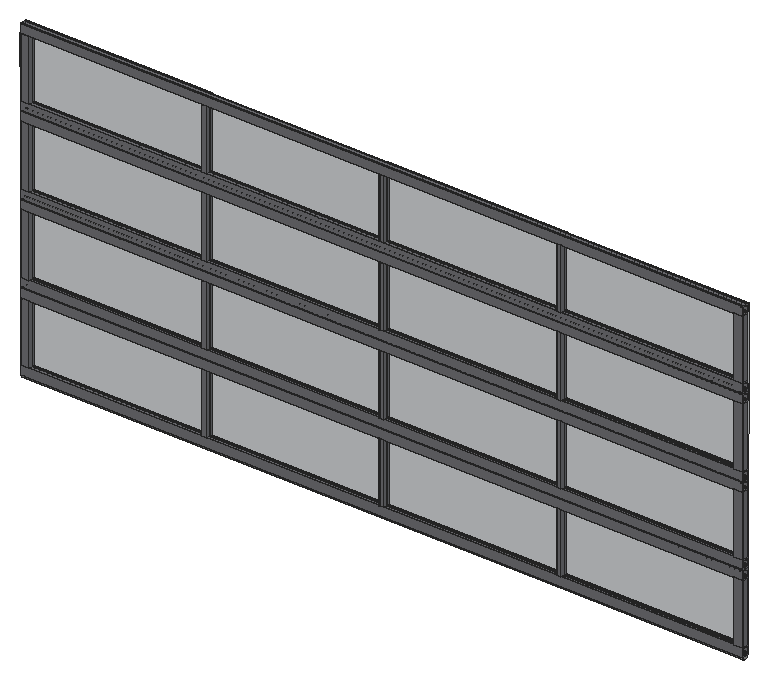
Revit family "GACD 16P GG", category Doors, host Wall, Revit 2024
Family settings
  Host = Wall
  OmniClass Number = 23.30.10.00
  OmniClass Title = Doors
  Always vertical = Yes
  Cut with Voids When Loaded = No
  Shared = No
  Room Calculation Point = No
Parameters
  Wall Opening [instance] = 4880 mm
  Function = Interior
  Frame Projection Ext. = 25 mm
  Frame Projection Int. = 25 mm
  Frame Width = 75 mm
  Height = 2135 mm
  Wall Closure = By host
  Width = 4880 mm
Reference planes
  plane 1: y = 0
  plane 2 "Center (Left/Right)": x = 0
  plane 3: z = 2135
  plane 4 "Exterior": y = 75
  plane 5 "Interior": y = -75
  plane 6 "Garage Bottom": y = 75
  plane 7 "Garage Left": x = 2470
  plane 8 "Garage Right": x = -2470
  plane 9 "Garage Top": z = 2170
  plane 10: z = 19.954
Forms (mm)
  Extrusion 1, solid, material "ALUMINIUM CHAR (TEST)"
    sketch origin (0, -4, 0) x (0, -1, 0) y (0, 0, -1)
      loop
        line (75, -2170) -> (78.9, -2170) -> (78.9, -2168.2) -> (76.8, -2168.2) -> (76.8, -2166.2) -> (84.9, -2166.2) -> (84.9, -2168.2) -> (82.9, -2168.2) -> (82.9, -2170) -> (111.1, -2170) -> (111.1, -2168.2) -> (109.1, -2168.2) -> (109.1, -2166.2) -> (117.2, -2166.2) -> (117.2, -2168.2) -> (115.1, -2168.2) -> (115.1, -2170) -> (119, -2170) -> (119, -2110) -> (99, -2110) -> (99, -2111.066) -> (101.75, -2111.307) -> (101.75, -2112.6) -> (83.5, -2112.6) -> (83.5, -2111.395) -> (85, -2110.993) -> (85, -2110) -> (75, -2110) -> (75, -2170)
      loop
        line (117.25, -2157.453) -> (116.7, -2156.5) -> (116.7, -2153.5) -> (117.25, -2152.547) -> (117.25, -2127.253) -> (116.7, -2126.3) -> (116.7, -2123.3) -> (117.25, -2122.347) -> (117.25, -2111.8) -> (103.55, -2111.8) -> (103.55, -2114.4) -> (81.7, -2114.4) -> (81.7, -2111.8) -> (76.75, -2111.8) -> (76.75, -2122.347) -> (77.3, -2123.3) -> (77.3, -2126.3) -> (76.75, -2127.253) -> (76.75, -2152.547) -> (77.3, -2153.5) -> (77.3, -2156.5) -> (76.75, -2157.453) -> (76.75, -2164.6) -> (86.7, -2164.6) -> (86.7, -2168.2) -> (107.3, -2168.2) -> (107.3, -2164.6) -> (117.25, -2164.6) -> (117.25, -2157.453)
    from -2470 to 2470
  Extrusion 2, solid, material "ALUMINIUM CHAR (TEST)"
    sketch origin (2744.172, 296, 1693.954) x (1, 0, 0) y (0, 1, 0)
      loop
        line (-5154.172, -375) -> (-5214.172, -375) -> (-5214.172, -378.9) -> (-5212.372, -378.9) -> (-5212.372, -376.8) -> (-5210.372, -376.8) -> (-5210.372, -384.9) -> (-5212.372, -384.9) -> (-5212.372, -382.9) -> (-5214.172, -382.9) -> (-5214.172, -411.1) -> (-5212.372, -411.1) -> (-5212.372, -409.1) -> (-5210.372, -409.1) -> (-5210.372, -417.2) -> (-5212.372, -417.2) -> (-5212.372, -415.1) -> (-5214.172, -415.1) -> (-5214.172, -419) -> (-5154.172, -419) -> (-5154.172, -399) -> (-5155.238, -399) -> (-5155.479, -401.75) -> (-5156.772, -401.75) -> (-5156.772, -383.5) -> (-5155.567, -383.5) -> (-5155.165, -385) -> (-5154.172, -385) -> (-5154.172, -375)
      loop
        line (-5208.772, -376.75) -> (-5208.772, -386.7) -> (-5212.372, -386.7) -> (-5212.372, -407.3) -> (-5208.772, -407.3) -> (-5208.772, -417.25) -> (-5201.625, -417.25) -> (-5200.672, -416.7) -> (-5197.672, -416.7) -> (-5196.72, -417.25) -> (-5171.425, -417.25) -> (-5170.472, -416.7) -> (-5167.472, -416.7) -> (-5166.52, -417.25) -> (-5155.972, -417.25) -> (-5155.972, -403.55) -> (-5158.572, -403.55) -> (-5158.572, -381.7) -> (-5155.972, -381.7) -> (-5155.972, -376.75) -> (-5166.52, -376.75) -> (-5167.472, -377.3) -> (-5170.472, -377.3) -> (-5171.425, -376.75) -> (-5196.72, -376.75) -> (-5197.672, -377.3) -> (-5200.672, -377.3) -> (-5201.625, -376.75) -> (-5208.772, -376.75)
      loop
        line (-334.172, -375) -> (-334.172, -385) -> (-333.179, -385) -> (-332.777, -383.5) -> (-331.572, -383.5) -> (-331.572, -401.75) -> (-332.866, -401.75) -> (-333.106, -399) -> (-334.172, -399) -> (-334.172, -419) -> (-274.172, -419) -> (-274.172, -415.1) -> (-275.972, -415.1) -> (-275.972, -417.2) -> (-277.972, -417.2) -> (-277.972, -409.1) -> (-275.972, -409.1) -> (-275.972, -411.1) -> (-274.172, -411.1) -> (-274.172, -382.9) -> (-275.972, -382.9) -> (-275.972, -384.9) -> (-277.972, -384.9) -> (-277.972, -376.8) -> (-275.972, -376.8) -> (-275.972, -378.9) -> (-274.172, -378.9) -> (-274.172, -375) -> (-334.172, -375)
      loop
        line (-287.672, -377.3) -> (-290.672, -377.3) -> (-291.625, -376.75) -> (-316.92, -376.75) -> (-317.872, -377.3) -> (-320.872, -377.3) -> (-321.825, -376.75) -> (-332.372, -376.75) -> (-332.372, -381.7) -> (-329.772, -381.7) -> (-329.772, -403.55) -> (-332.372, -403.55) -> (-332.372, -417.25) -> (-321.825, -417.25) -> (-320.872, -416.7) -> (-317.872, -416.7) -> (-316.92, -417.25) -> (-291.625, -417.25) -> (-290.672, -416.7) -> (-287.672, -416.7) -> (-286.72, -417.25) -> (-279.572, -417.25) -> (-279.572, -407.3) -> (-275.972, -407.3) -> (-275.972, -386.7) -> (-279.572, -386.7) -> (-279.572, -376.75) -> (-286.72, -376.75) -> (-287.672, -377.3)
      loop
        line (-1516.672, -375) -> (-1546.672, -375) -> (-1546.672, -385) -> (-1545.679, -385) -> (-1545.277, -383.5) -> (-1544.072, -383.5) -> (-1544.072, -401.75) -> (-1545.366, -401.75) -> (-1545.606, -399) -> (-1546.672, -399) -> (-1546.672, -419) -> (-1516.672, -419) -> (-1516.672, -399) -> (-1517.738, -399) -> (-1517.979, -401.75) -> (-1519.272, -401.75) -> (-1519.272, -383.5) -> (-1518.067, -383.5) -> (-1517.665, -385) -> (-1516.672, -385) -> (-1516.672, -375)
      loop
        line (-1544.872, -376.75) -> (-1544.872, -381.7) -> (-1542.272, -381.7) -> (-1542.272, -403.55) -> (-1544.872, -403.55) -> (-1544.872, -417.25) -> (-1518.472, -417.25) -> (-1518.472, -403.55) -> (-1521.072, -403.55) -> (-1521.072, -381.7) -> (-1518.472, -381.7) -> (-1518.472, -376.75) -> (-1544.872, -376.75)
      loop
        line (-2729.172, -375) -> (-2759.172, -375) -> (-2759.172, -385) -> (-2758.179, -385) -> (-2757.777, -383.5) -> (-2756.572, -383.5) -> (-2756.572, -401.75) -> (-2757.866, -401.75) -> (-2758.106, -399) -> (-2759.172, -399) -> (-2759.172, -419) -> (-2729.172, -419) -> (-2729.172, -399) -> (-2730.238, -399) -> (-2730.479, -401.75) -> (-2731.772, -401.75) -> (-2731.772, -383.5) -> (-2730.567, -383.5) -> (-2730.165, -385) -> (-2729.172, -385) -> (-2729.172, -375)
      loop
        line (-2757.372, -376.75) -> (-2757.372, -381.7) -> (-2754.772, -381.7) -> (-2754.772, -403.55) -> (-2757.372, -403.55) -> (-2757.372, -417.25) -> (-2730.972, -417.25) -> (-2730.972, -403.55) -> (-2733.572, -403.55) -> (-2733.572, -381.7) -> (-2730.972, -381.7) -> (-2730.972, -376.75) -> (-2757.372, -376.75)
      loop
        line (-3941.672, -375) -> (-3971.672, -375) -> (-3971.672, -385) -> (-3970.679, -385) -> (-3970.277, -383.5) -> (-3969.072, -383.5) -> (-3969.072, -401.75) -> (-3970.366, -401.75) -> (-3970.606, -399) -> (-3971.672, -399) -> (-3971.672, -419) -> (-3941.672, -419) -> (-3941.672, -399) -> (-3942.738, -399) -> (-3942.979, -401.75) -> (-3944.272, -401.75) -> (-3944.272, -383.5) -> (-3943.067, -383.5) -> (-3942.665, -385) -> (-3941.672, -385) -> (-3941.672, -375)
      loop
        line (-3969.872, -376.75) -> (-3969.872, -381.7) -> (-3967.272, -381.7) -> (-3967.272, -403.55) -> (-3969.872, -403.55) -> (-3969.872, -417.25) -> (-3943.472, -417.25) -> (-3943.472, -403.55) -> (-3946.072, -403.55) -> (-3946.072, -381.7) -> (-3943.472, -381.7) -> (-3943.472, -376.75) -> (-3969.872, -376.75)
    from 4.5 to 416.046
  Extrusion 3, solid, material "ALUMINIUM CHAR (TEST)"
    sketch origin (0, -4, 2189.909) x (0, -1, 0) y (0, 0, -1)
      loop
        line (75, 2170) -> (75, 2110) -> (85, 2110) -> (85, 2110.993) -> (83.5, 2111.395) -> (83.5, 2112.6) -> (101.75, 2112.6) -> (101.75, 2111.307) -> (99, 2111.066) -> (99, 2110) -> (119, 2110) -> (119, 2170) -> (115.1, 2170) -> (115.1, 2168.2) -> (117.2, 2168.2) -> (117.2, 2166.2) -> (109.1, 2166.2) -> (109.1, 2168.2) -> (111.1, 2168.2) -> (111.1, 2170) -> (82.9, 2170) -> (82.9, 2168.2) -> (84.9, 2168.2) -> (84.9, 2166.2) -> (76.8, 2166.2) -> (76.8, 2168.2) -> (78.9, 2168.2) -> (78.9, 2170) -> (75, 2170)
      loop
        line (117.25, 2157.453) -> (117.25, 2164.6) -> (107.3, 2164.6) -> (107.3, 2168.2) -> (86.7, 2168.2) -> (86.7, 2164.6) -> (76.75, 2164.6) -> (76.75, 2157.453) -> (77.3, 2156.5) -> (77.3, 2153.5) -> (76.75, 2152.547) -> (76.75, 2127.253) -> (77.3, 2126.3) -> (77.3, 2123.3) -> (76.75, 2122.347) -> (76.75, 2111.8) -> (81.7, 2111.8) -> (81.7, 2114.4) -> (103.55, 2114.4) -> (103.55, 2111.8) -> (117.25, 2111.8) -> (117.25, 2122.347) -> (116.7, 2123.3) -> (116.7, 2126.3) -> (117.25, 2127.253) -> (117.25, 2152.547) -> (116.7, 2153.5) -> (116.7, 2156.5) -> (117.25, 2157.453)
    from -2470 to 2470
  Extrusion 4, solid, material "ALUMINIUM CHAR (TEST)"
    sketch origin (0, -4, 3811.454) x (0, -1, 0) y (0, 0, -1)
      loop
        line (75, 3260) -> (78.9, 3260) -> (78.9, 3261.8) -> (76.8, 3261.8) -> (76.8, 3263.8) -> (84.9, 3263.8) -> (84.9, 3261.8) -> (82.9, 3261.8) -> (82.9, 3260) -> (111.1, 3260) -> (111.1, 3261.8) -> (109.1, 3261.8) -> (109.1, 3263.8) -> (117.2, 3263.8) -> (117.2, 3261.8) -> (115.1, 3261.8) -> (115.1, 3260) -> (119, 3260) -> (119, 3320) -> (99, 3320) -> (99, 3318.934) -> (101.75, 3318.693) -> (101.75, 3317.4) -> (83.5, 3317.4) -> (83.5, 3318.605) -> (85, 3319.007) -> (85, 3320) -> (75, 3320) -> (75, 3260)
      loop
        line (117.25, 3272.547) -> (116.7, 3273.5) -> (116.7, 3276.5) -> (117.25, 3277.453) -> (117.25, 3302.747) -> (116.7, 3303.7) -> (116.7, 3306.7) -> (117.25, 3307.653) -> (117.25, 3318.2) -> (103.55, 3318.2) -> (103.55, 3315.6) -> (81.7, 3315.6) -> (81.7, 3318.2) -> (76.75, 3318.2) -> (76.75, 3307.653) -> (77.3, 3306.7) -> (77.3, 3303.7) -> (76.75, 3302.747) -> (76.75, 3277.453) -> (77.3, 3276.5) -> (77.3, 3273.5) -> (76.75, 3272.547) -> (76.75, 3265.4) -> (86.7, 3265.4) -> (86.7, 3261.8) -> (107.3, 3261.8) -> (107.3, 3265.4) -> (117.25, 3265.4) -> (117.25, 3272.547)
      loop
        line (75, 3254) -> (75, 3194) -> (85, 3194) -> (85, 3194.993) -> (83.5, 3195.395) -> (83.5, 3196.6) -> (101.75, 3196.6) -> (101.75, 3195.307) -> (99, 3195.066) -> (99, 3194) -> (119, 3194) -> (119, 3254) -> (115.1, 3254) -> (115.1, 3252.2) -> (117.2, 3252.2) -> (117.2, 3250.2) -> (109.1, 3250.2) -> (109.1, 3252.2) -> (111.1, 3252.2) -> (111.1, 3254) -> (82.9, 3254) -> (82.9, 3252.2) -> (84.9, 3252.2) -> (84.9, 3250.2) -> (76.8, 3250.2) -> (76.8, 3252.2) -> (78.9, 3252.2) -> (78.9, 3254) -> (75, 3254)
      loop
        line (117.25, 3241.453) -> (117.25, 3248.6) -> (107.3, 3248.6) -> (107.3, 3252.2) -> (86.7, 3252.2) -> (86.7, 3248.6) -> (76.75, 3248.6) -> (76.75, 3241.453) -> (77.3, 3240.5) -> (77.3, 3237.5) -> (76.75, 3236.547) -> (76.75, 3211.253) -> (77.3, 3210.3) -> (77.3, 3207.3) -> (76.75, 3206.347) -> (76.75, 3195.8) -> (81.7, 3195.8) -> (81.7, 3198.4) -> (103.55, 3198.4) -> (103.55, 3195.8) -> (117.25, 3195.8) -> (117.25, 3206.347) -> (116.7, 3207.3) -> (116.7, 3210.3) -> (117.25, 3211.253) -> (117.25, 3236.547) -> (116.7, 3237.5) -> (116.7, 3240.5) -> (117.25, 3241.453)
      loop
        line (75, 2719.546) -> (78.9, 2719.546) -> (78.9, 2721.346) -> (76.8, 2721.346) -> (76.8, 2723.346) -> (84.9, 2723.346) -> (84.9, 2721.346) -> (82.9, 2721.346) -> (82.9, 2719.546) -> (111.1, 2719.546) -> (111.1, 2721.346) -> (109.1, 2721.346) -> (109.1, 2723.346) -> (117.2, 2723.346) -> (117.2, 2721.346) -> (115.1, 2721.346) -> (115.1, 2719.546) -> (119, 2719.546) -> (119, 2779.546) -> (99, 2779.546) -> (99, 2778.48) -> (101.75, 2778.239) -> (101.75, 2776.946) -> (83.5, 2776.946) -> (83.5, 2778.151) -> (85, 2778.553) -> (85, 2779.546) -> (75, 2779.546) -> (75, 2719.546)
      loop
        line (117.25, 2732.093) -> (116.7, 2733.046) -> (116.7, 2736.046) -> (117.25, 2736.998) -> (117.25, 2762.293) -> (116.7, 2763.246) -> (116.7, 2766.246) -> (117.25, 2767.198) -> (117.25, 2777.746) -> (103.55, 2777.746) -> (103.55, 2775.146) -> (81.7, 2775.146) -> (81.7, 2777.746) -> (76.75, 2777.746) -> (76.75, 2767.198) -> (77.3, 2766.246) -> (77.3, 2763.246) -> (76.75, 2762.293) -> (76.75, 2736.998) -> (77.3, 2736.046) -> (77.3, 2733.046) -> (76.75, 2732.093) -> (76.75, 2724.946) -> (86.7, 2724.946) -> (86.7, 2721.346) -> (107.3, 2721.346) -> (107.3, 2724.946) -> (117.25, 2724.946) -> (117.25, 2732.093)
      loop
        line (75, 2713.546) -> (75, 2653.546) -> (85, 2653.546) -> (85, 2654.539) -> (83.5, 2654.94) -> (83.5, 2656.146) -> (101.75, 2656.146) -> (101.75, 2654.852) -> (99, 2654.612) -> (99, 2653.546) -> (119, 2653.546) -> (119, 2713.546) -> (115.1, 2713.546) -> (115.1, 2711.746) -> (117.2, 2711.746) -> (117.2, 2709.746) -> (109.1, 2709.746) -> (109.1, 2711.746) -> (111.1, 2711.746) -> (111.1, 2713.546) -> (82.9, 2713.546) -> (82.9, 2711.746) -> (84.9, 2711.746) -> (84.9, 2709.746) -> (76.8, 2709.746) -> (76.8, 2711.746) -> (78.9, 2711.746) -> (78.9, 2713.546) -> (75, 2713.546)
      loop
        line (117.25, 2700.998) -> (117.25, 2708.146) -> (107.3, 2708.146) -> (107.3, 2711.746) -> (86.7, 2711.746) -> (86.7, 2708.146) -> (76.75, 2708.146) -> (76.75, 2700.998) -> (77.3, 2700.046) -> (77.3, 2697.046) -> (76.75, 2696.093) -> (76.75, 2670.798) -> (77.3, 2669.846) -> (77.3, 2666.846) -> (76.75, 2665.893) -> (76.75, 2655.346) -> (81.7, 2655.346) -> (81.7, 2657.946) -> (103.55, 2657.946) -> (103.55, 2655.346) -> (117.25, 2655.346) -> (117.25, 2665.893) -> (116.7, 2666.846) -> (116.7, 2669.846) -> (117.25, 2670.798) -> (117.25, 2696.093) -> (116.7, 2697.046) -> (116.7, 2700.046) -> (117.25, 2700.998)
      loop
        line (75, 2179) -> (78.9, 2179) -> (78.9, 2180.8) -> (76.8, 2180.8) -> (76.8, 2182.8) -> (84.9, 2182.8) -> (84.9, 2180.8) -> (82.9, 2180.8) -> (82.9, 2179) -> (111.1, 2179) -> (111.1, 2180.8) -> (109.1, 2180.8) -> (109.1, 2182.8) -> (117.2, 2182.8) -> (117.2, 2180.8) -> (115.1, 2180.8) -> (115.1, 2179) -> (119, 2179) -> (119, 2239) -> (99, 2239) -> (99, 2237.934) -> (101.75, 2237.693) -> (101.75, 2236.4) -> (83.5, 2236.4) -> (83.5, 2237.605) -> (85, 2238.007) -> (85, 2239) -> (75, 2239) -> (75, 2179)
      loop
        line (117.25, 2191.547) -> (116.7, 2192.5) -> (116.7, 2195.5) -> (117.25, 2196.453) -> (117.25, 2221.747) -> (116.7, 2222.7) -> (116.7, 2225.7) -> (117.25, 2226.653) -> (117.25, 2237.2) -> (103.55, 2237.2) -> (103.55, 2234.6) -> (81.7, 2234.6) -> (81.7, 2237.2) -> (76.75, 2237.2) -> (76.75, 2226.653) -> (77.3, 2225.7) -> (77.3, 2222.7) -> (76.75, 2221.747) -> (76.75, 2196.453) -> (77.3, 2195.5) -> (77.3, 2192.5) -> (76.75, 2191.547) -> (76.75, 2184.4) -> (86.7, 2184.4) -> (86.7, 2180.8) -> (107.3, 2180.8) -> (107.3, 2184.4) -> (117.25, 2184.4) -> (117.25, 2191.547)
      loop
        line (75, 2173) -> (75, 2113) -> (85, 2113) -> (85, 2113.993) -> (83.5, 2114.395) -> (83.5, 2115.6) -> (101.75, 2115.6) -> (101.75, 2114.307) -> (99, 2114.066) -> (99, 2113) -> (119, 2113) -> (119, 2173) -> (115.1, 2173) -> (115.1, 2171.2) -> (117.2, 2171.2) -> (117.2, 2169.2) -> (109.1, 2169.2) -> (109.1, 2171.2) -> (111.1, 2171.2) -> (111.1, 2173) -> (82.9, 2173) -> (82.9, 2171.2) -> (84.9, 2171.2) -> (84.9, 2169.2) -> (76.8, 2169.2) -> (76.8, 2171.2) -> (78.9, 2171.2) -> (78.9, 2173) -> (75, 2173)
      loop
        line (117.25, 2160.453) -> (117.25, 2167.6) -> (107.3, 2167.6) -> (107.3, 2171.2) -> (86.7, 2171.2) -> (86.7, 2167.6) -> (76.75, 2167.6) -> (76.75, 2160.453) -> (77.3, 2159.5) -> (77.3, 2156.5) -> (76.75, 2155.547) -> (76.75, 2130.253) -> (77.3, 2129.3) -> (77.3, 2126.3) -> (76.75, 2125.347) -> (76.75, 2114.8) -> (81.7, 2114.8) -> (81.7, 2117.4) -> (103.55, 2117.4) -> (103.55, 2114.8) -> (117.25, 2114.8) -> (117.25, 2125.347) -> (116.7, 2126.3) -> (116.7, 2129.3) -> (117.25, 2130.253) -> (117.25, 2155.547) -> (116.7, 2156.5) -> (116.7, 2159.5) -> (117.25, 2160.453)
    from -2470 to 2470
  Extrusion 5, solid, material "Rubber, Natural"
    sketch origin (0, 0, 0) x (0, 1, 0) y (0, 0, 1)
      loop
        line (-111, 19.909) -> (-111, 16.909) -> (-106, 16.909) -> (-106, 14.004)
        spline (-106, 14.004) -> (-109.192, 11.809) -> (-110.848, 8.808) -> (-110.659, 5.562) -> (-108.66, 2.681) -> (-105.226, 0.703) -> (-101, 0) -> (-96.774, 0.703) -> (-93.34, 2.681) -> (-91.341, 5.562) -> (-91.152, 8.808) -> (-92.808, 11.809) -> (-96, 14.004)
        line (-96, 14.004) -> (-96, 16.909) -> (-91, 16.909) -> (-91, 19.909) -> (-111, 19.909)
      loop
        line (-98, 16.909) -> (-104, 16.909) -> (-104, 14.633)
        arc (-104, 14.633) -> (-101, 15.009) -> (-98, 14.633) r 12.129
        line (-98, 14.633) -> (-98, 16.909)
      loop
        spline (-101, 1.513) -> (-98.929, 1.717) -> (-97, 2.316) -> (-95.343, 3.268) -> (-94.072, 4.509) -> (-93.273, 5.954) -> (-93, 7.505) -> (-93.273, 9.055) -> (-94.072, 10.501) -> (-95.343, 11.742) -> (-97, 12.694) -> (-98.929, 13.292) -> (-101, 13.496)
        spline (-101, 13.496) -> (-103.071, 13.292) -> (-105, 12.694) -> (-106.657, 11.742) -> (-107.928, 10.501) -> (-108.727, 9.055) -> (-109, 7.505) -> (-108.727, 5.954) -> (-107.928, 4.509) -> (-106.657, 3.268) -> (-105, 2.316) -> (-103.071, 1.717) -> (-101, 1.513)
    from -2470 to 2470
  Extrusion 6, solid, material "Rubber, Natural"
    sketch origin (0, 16.15, 1625.346) x (0, 1, 0) y (0, 0, 1)
      loop
        line (-104, -524.284) -> (-104, -525.284) -> (-101.5, -525.284) -> (-101.5, -527.31)
        spline (-101.5, -527.31) -> (-102.841, -527.612) -> (-103.739, -528.203) -> (-103.978, -528.941) -> (-103.501, -529.648) -> (-102.421, -530.154) -> (-101, -530.337) -> (-99.579, -530.154) -> (-98.499, -529.648) -> (-98.022, -528.941) -> (-98.261, -528.203) -> (-99.159, -527.612) -> (-100.5, -527.31)
        line (-100.5, -527.31) -> (-100.5, -525.284) -> (-98, -525.284) -> (-98, -524.284) -> (-104, -524.284)
      loop
        line (-136.3, -524.284) -> (-136.3, -525.284) -> (-133.8, -525.284) -> (-133.8, -527.31)
        spline (-133.8, -527.31) -> (-135.141, -527.612) -> (-136.039, -528.203) -> (-136.278, -528.941) -> (-135.801, -529.648) -> (-134.721, -530.154) -> (-133.3, -530.337) -> (-131.879, -530.154) -> (-130.799, -529.648) -> (-130.322, -528.941) -> (-130.561, -528.203) -> (-131.459, -527.612) -> (-132.8, -527.31)
        line (-132.8, -527.31) -> (-132.8, -525.284) -> (-130.3, -525.284) -> (-130.3, -524.284) -> (-136.3, -524.284)
      loop
        line (-104, -536.591) -> (-98, -536.591) -> (-98, -535.591) -> (-100.5, -535.591) -> (-100.5, -533.564)
        spline (-100.5, -533.564) -> (-99.159, -533.262) -> (-98.261, -532.671) -> (-98.022, -531.933) -> (-98.499, -531.226) -> (-99.579, -530.72) -> (-101, -530.537) -> (-102.421, -530.72) -> (-103.501, -531.226) -> (-103.978, -531.933) -> (-103.739, -532.671) -> (-102.841, -533.262) -> (-101.5, -533.564)
        line (-101.5, -533.564) -> (-101.5, -535.591) -> (-104, -535.591) -> (-104, -536.591)
      loop
        line (-136.3, -536.591) -> (-130.3, -536.591) -> (-130.3, -535.591) -> (-132.8, -535.591) -> (-132.8, -533.564)
        spline (-132.8, -533.564) -> (-131.459, -533.262) -> (-130.561, -532.671) -> (-130.322, -531.933) -> (-130.799, -531.226) -> (-131.879, -530.72) -> (-133.3, -530.537) -> (-134.721, -530.72) -> (-135.801, -531.226) -> (-136.278, -531.933) -> (-136.039, -532.671) -> (-135.141, -533.262) -> (-133.8, -533.564)
        line (-133.8, -533.564) -> (-133.8, -535.591) -> (-136.3, -535.591) -> (-136.3, -536.591)
      loop
        line (-104, 16.262) -> (-104, 15.262) -> (-101.5, 15.262) -> (-101.5, 13.235)
        spline (-101.5, 13.235) -> (-102.841, 12.933) -> (-103.739, 12.342) -> (-103.978, 11.605) -> (-103.501, 10.898) -> (-102.421, 10.392) -> (-101, 10.209) -> (-99.579, 10.392) -> (-98.499, 10.898) -> (-98.022, 11.605) -> (-98.261, 12.342) -> (-99.159, 12.933) -> (-100.5, 13.235)
        line (-100.5, 13.235) -> (-100.5, 15.262) -> (-98, 15.262) -> (-98, 16.262) -> (-104, 16.262)
      loop
        line (-136.3, 16.262) -> (-136.3, 15.262) -> (-133.8, 15.262) -> (-133.8, 13.235)
        spline (-133.8, 13.235) -> (-135.141, 12.933) -> (-136.039, 12.342) -> (-136.278, 11.605) -> (-135.801, 10.898) -> (-134.721, 10.392) -> (-133.3, 10.209) -> (-131.879, 10.392) -> (-130.799, 10.898) -> (-130.322, 11.605) -> (-130.561, 12.342) -> (-131.459, 12.933) -> (-132.8, 13.235)
        line (-132.8, 13.235) -> (-132.8, 15.262) -> (-130.3, 15.262) -> (-130.3, 16.262) -> (-136.3, 16.262)
      loop
        line (-104, 3.955) -> (-98, 3.955) -> (-98, 4.955) -> (-100.5, 4.955) -> (-100.5, 6.982)
        spline (-100.5, 6.982) -> (-99.159, 7.284) -> (-98.261, 7.875) -> (-98.022, 8.612) -> (-98.499, 9.319) -> (-99.579, 9.825) -> (-101, 10.009) -> (-102.421, 9.825) -> (-103.501, 9.319) -> (-103.978, 8.612) -> (-103.739, 7.875) -> (-102.841, 7.284) -> (-101.5, 6.982)
        line (-101.5, 6.982) -> (-101.5, 4.955) -> (-104, 4.955) -> (-104, 3.955)
      loop
        line (-136.3, 3.955) -> (-130.3, 3.955) -> (-130.3, 4.955) -> (-132.8, 4.955) -> (-132.8, 6.982)
        spline (-132.8, 6.982) -> (-131.459, 7.284) -> (-130.561, 7.875) -> (-130.322, 8.612) -> (-130.799, 9.319) -> (-131.879, 9.825) -> (-133.3, 10.009) -> (-134.721, 9.825) -> (-135.801, 9.319) -> (-136.278, 8.612) -> (-136.039, 7.875) -> (-135.141, 7.284) -> (-133.8, 6.982)
        line (-133.8, 6.982) -> (-133.8, 4.955) -> (-136.3, 4.955) -> (-136.3, 3.955)
      loop
        line (-104, -1064.738) -> (-104, -1065.738) -> (-101.5, -1065.738) -> (-101.5, -1067.765)
        spline (-101.5, -1067.765) -> (-102.841, -1068.067) -> (-103.739, -1068.658) -> (-103.978, -1069.395) -> (-103.501, -1070.102) -> (-102.421, -1070.608) -> (-101, -1070.791) -> (-99.579, -1070.608) -> (-98.499, -1070.102) -> (-98.022, -1069.395) -> (-98.261, -1068.658) -> (-99.159, -1068.067) -> (-100.5, -1067.765)
        line (-100.5, -1067.765) -> (-100.5, -1065.738) -> (-98, -1065.738) -> (-98, -1064.738) -> (-104, -1064.738)
      loop
        line (-136.3, -1064.738) -> (-136.3, -1065.738) -> (-133.8, -1065.738) -> (-133.8, -1067.765)
        spline (-133.8, -1067.765) -> (-135.141, -1068.067) -> (-136.039, -1068.658) -> (-136.278, -1069.395) -> (-135.801, -1070.102) -> (-134.721, -1070.608) -> (-133.3, -1070.791) -> (-131.879, -1070.608) -> (-130.799, -1070.102) -> (-130.322, -1069.395) -> (-130.561, -1068.658) -> (-131.459, -1068.067) -> (-132.8, -1067.765)
        line (-132.8, -1067.765) -> (-132.8, -1065.738) -> (-130.3, -1065.738) -> (-130.3, -1064.738) -> (-136.3, -1064.738)
      loop
        line (-104, -1077.045) -> (-98, -1077.045) -> (-98, -1076.045) -> (-100.5, -1076.045) -> (-100.5, -1074.018)
        spline (-100.5, -1074.018) -> (-99.159, -1073.716) -> (-98.261, -1073.125) -> (-98.022, -1072.388) -> (-98.499, -1071.681) -> (-99.579, -1071.175) -> (-101, -1070.991) -> (-102.421, -1071.175) -> (-103.501, -1071.681) -> (-103.978, -1072.388) -> (-103.739, -1073.125) -> (-102.841, -1073.716) -> (-101.5, -1074.018)
        line (-101.5, -1074.018) -> (-101.5, -1076.045) -> (-104, -1076.045) -> (-104, -1077.045)
      loop
        line (-136.3, -1077.045) -> (-130.3, -1077.045) -> (-130.3, -1076.045) -> (-132.8, -1076.045) -> (-132.8, -1074.018)
        spline (-132.8, -1074.018) -> (-131.459, -1073.716) -> (-130.561, -1073.125) -> (-130.322, -1072.388) -> (-130.799, -1071.681) -> (-131.879, -1071.175) -> (-133.3, -1070.991) -> (-134.721, -1071.175) -> (-135.801, -1071.681) -> (-136.278, -1072.388) -> (-136.039, -1073.125) -> (-135.141, -1073.716) -> (-133.8, -1074.018)
        line (-133.8, -1074.018) -> (-133.8, -1076.045) -> (-136.3, -1076.045) -> (-136.3, -1077.045)
    from -2470 to 2470
  Extrusion 7, solid, material "ALUMINIUM CHAR (TEST)"
    sketch origin (2744.172, 296, 1153.454) x (1, 0, 0) y (0, 1, 0)
      loop
        line (-5154.172, -375) -> (-5214.172, -375) -> (-5214.172, -378.9) -> (-5212.372, -378.9) -> (-5212.372, -376.8) -> (-5210.372, -376.8) -> (-5210.372, -384.9) -> (-5212.372, -384.9) -> (-5212.372, -382.9) -> (-5214.172, -382.9) -> (-5214.172, -411.1) -> (-5212.372, -411.1) -> (-5212.372, -409.1) -> (-5210.372, -409.1) -> (-5210.372, -417.2) -> (-5212.372, -417.2) -> (-5212.372, -415.1) -> (-5214.172, -415.1) -> (-5214.172, -419) -> (-5154.172, -419) -> (-5154.172, -399) -> (-5155.238, -399) -> (-5155.479, -401.75) -> (-5156.772, -401.75) -> (-5156.772, -383.5) -> (-5155.567, -383.5) -> (-5155.165, -385) -> (-5154.172, -385) -> (-5154.172, -375)
      loop
        line (-5208.772, -376.75) -> (-5208.772, -386.7) -> (-5212.372, -386.7) -> (-5212.372, -407.3) -> (-5208.772, -407.3) -> (-5208.772, -417.25) -> (-5201.625, -417.25) -> (-5200.672, -416.7) -> (-5197.672, -416.7) -> (-5196.72, -417.25) -> (-5171.425, -417.25) -> (-5170.472, -416.7) -> (-5167.472, -416.7) -> (-5166.52, -417.25) -> (-5155.972, -417.25) -> (-5155.972, -403.55) -> (-5158.572, -403.55) -> (-5158.572, -381.7) -> (-5155.972, -381.7) -> (-5155.972, -376.75) -> (-5166.52, -376.75) -> (-5167.472, -377.3) -> (-5170.472, -377.3) -> (-5171.425, -376.75) -> (-5196.72, -376.75) -> (-5197.672, -377.3) -> (-5200.672, -377.3) -> (-5201.625, -376.75) -> (-5208.772, -376.75)
      loop
        line (-334.172, -375) -> (-334.172, -385) -> (-333.179, -385) -> (-332.777, -383.5) -> (-331.572, -383.5) -> (-331.572, -401.75) -> (-332.866, -401.75) -> (-333.106, -399) -> (-334.172, -399) -> (-334.172, -419) -> (-274.172, -419) -> (-274.172, -415.1) -> (-275.972, -415.1) -> (-275.972, -417.2) -> (-277.972, -417.2) -> (-277.972, -409.1) -> (-275.972, -409.1) -> (-275.972, -411.1) -> (-274.172, -411.1) -> (-274.172, -382.9) -> (-275.972, -382.9) -> (-275.972, -384.9) -> (-277.972, -384.9) -> (-277.972, -376.8) -> (-275.972, -376.8) -> (-275.972, -378.9) -> (-274.172, -378.9) -> (-274.172, -375) -> (-334.172, -375)
      loop
        line (-287.672, -377.3) -> (-290.672, -377.3) -> (-291.625, -376.75) -> (-316.92, -376.75) -> (-317.872, -377.3) -> (-320.872, -377.3) -> (-321.825, -376.75) -> (-332.372, -376.75) -> (-332.372, -381.7) -> (-329.772, -381.7) -> (-329.772, -403.55) -> (-332.372, -403.55) -> (-332.372, -417.25) -> (-321.825, -417.25) -> (-320.872, -416.7) -> (-317.872, -416.7) -> (-316.92, -417.25) -> (-291.625, -417.25) -> (-290.672, -416.7) -> (-287.672, -416.7) -> (-286.72, -417.25) -> (-279.572, -417.25) -> (-279.572, -407.3) -> (-275.972, -407.3) -> (-275.972, -386.7) -> (-279.572, -386.7) -> (-279.572, -376.75) -> (-286.72, -376.75) -> (-287.672, -377.3)
      loop
        line (-1516.672, -375) -> (-1546.672, -375) -> (-1546.672, -385) -> (-1545.679, -385) -> (-1545.277, -383.5) -> (-1544.072, -383.5) -> (-1544.072, -401.75) -> (-1545.366, -401.75) -> (-1545.606, -399) -> (-1546.672, -399) -> (-1546.672, -419) -> (-1516.672, -419) -> (-1516.672, -399) -> (-1517.738, -399) -> (-1517.979, -401.75) -> (-1519.272, -401.75) -> (-1519.272, -383.5) -> (-1518.067, -383.5) -> (-1517.665, -385) -> (-1516.672, -385) -> (-1516.672, -375)
      loop
        line (-1544.872, -376.75) -> (-1544.872, -381.7) -> (-1542.272, -381.7) -> (-1542.272, -403.55) -> (-1544.872, -403.55) -> (-1544.872, -417.25) -> (-1518.472, -417.25) -> (-1518.472, -403.55) -> (-1521.072, -403.55) -> (-1521.072, -381.7) -> (-1518.472, -381.7) -> (-1518.472, -376.75) -> (-1544.872, -376.75)
      loop
        line (-2729.172, -375) -> (-2759.172, -375) -> (-2759.172, -385) -> (-2758.179, -385) -> (-2757.777, -383.5) -> (-2756.572, -383.5) -> (-2756.572, -401.75) -> (-2757.866, -401.75) -> (-2758.106, -399) -> (-2759.172, -399) -> (-2759.172, -419) -> (-2729.172, -419) -> (-2729.172, -399) -> (-2730.238, -399) -> (-2730.479, -401.75) -> (-2731.772, -401.75) -> (-2731.772, -383.5) -> (-2730.567, -383.5) -> (-2730.165, -385) -> (-2729.172, -385) -> (-2729.172, -375)
      loop
        line (-2757.372, -376.75) -> (-2757.372, -381.7) -> (-2754.772, -381.7) -> (-2754.772, -403.55) -> (-2757.372, -403.55) -> (-2757.372, -417.25) -> (-2730.972, -417.25) -> (-2730.972, -403.55) -> (-2733.572, -403.55) -> (-2733.572, -381.7) -> (-2730.972, -381.7) -> (-2730.972, -376.75) -> (-2757.372, -376.75)
      loop
        line (-3941.672, -375) -> (-3971.672, -375) -> (-3971.672, -385) -> (-3970.679, -385) -> (-3970.277, -383.5) -> (-3969.072, -383.5) -> (-3969.072, -401.75) -> (-3970.366, -401.75) -> (-3970.606, -399) -> (-3971.672, -399) -> (-3971.672, -419) -> (-3941.672, -419) -> (-3941.672, -399) -> (-3942.738, -399) -> (-3942.979, -401.75) -> (-3944.272, -401.75) -> (-3944.272, -383.5) -> (-3943.067, -383.5) -> (-3942.665, -385) -> (-3941.672, -385) -> (-3941.672, -375)
      loop
        line (-3969.872, -376.75) -> (-3969.872, -381.7) -> (-3967.272, -381.7) -> (-3967.272, -403.55) -> (-3969.872, -403.55) -> (-3969.872, -417.25) -> (-3943.472, -417.25) -> (-3943.472, -403.55) -> (-3946.072, -403.55) -> (-3946.072, -381.7) -> (-3943.472, -381.7) -> (-3943.472, -376.75) -> (-3969.872, -376.75)
    from 4.454 to 419
  Extrusion 8, solid, material "ALUMINIUM CHAR (TEST)"
    sketch origin (2744.172, 296, 612.954) x (1, 0, 0) y (0, 1, 0)
      loop
        line (-5154.172, -375) -> (-5214.172, -375) -> (-5214.172, -378.9) -> (-5212.372, -378.9) -> (-5212.372, -376.8) -> (-5210.372, -376.8) -> (-5210.372, -384.9) -> (-5212.372, -384.9) -> (-5212.372, -382.9) -> (-5214.172, -382.9) -> (-5214.172, -411.1) -> (-5212.372, -411.1) -> (-5212.372, -409.1) -> (-5210.372, -409.1) -> (-5210.372, -417.2) -> (-5212.372, -417.2) -> (-5212.372, -415.1) -> (-5214.172, -415.1) -> (-5214.172, -419) -> (-5154.172, -419) -> (-5154.172, -399) -> (-5155.238, -399) -> (-5155.479, -401.75) -> (-5156.772, -401.75) -> (-5156.772, -383.5) -> (-5155.567, -383.5) -> (-5155.165, -385) -> (-5154.172, -385) -> (-5154.172, -375)
      loop
        line (-5208.772, -376.75) -> (-5208.772, -386.7) -> (-5212.372, -386.7) -> (-5212.372, -407.3) -> (-5208.772, -407.3) -> (-5208.772, -417.25) -> (-5201.625, -417.25) -> (-5200.672, -416.7) -> (-5197.672, -416.7) -> (-5196.72, -417.25) -> (-5171.425, -417.25) -> (-5170.472, -416.7) -> (-5167.472, -416.7) -> (-5166.52, -417.25) -> (-5155.972, -417.25) -> (-5155.972, -403.55) -> (-5158.572, -403.55) -> (-5158.572, -381.7) -> (-5155.972, -381.7) -> (-5155.972, -376.75) -> (-5166.52, -376.75) -> (-5167.472, -377.3) -> (-5170.472, -377.3) -> (-5171.425, -376.75) -> (-5196.72, -376.75) -> (-5197.672, -377.3) -> (-5200.672, -377.3) -> (-5201.625, -376.75) -> (-5208.772, -376.75)
      loop
        line (-334.172, -375) -> (-334.172, -385) -> (-333.179, -385) -> (-332.777, -383.5) -> (-331.572, -383.5) -> (-331.572, -401.75) -> (-332.866, -401.75) -> (-333.106, -399) -> (-334.172, -399) -> (-334.172, -419) -> (-274.172, -419) -> (-274.172, -415.1) -> (-275.972, -415.1) -> (-275.972, -417.2) -> (-277.972, -417.2) -> (-277.972, -409.1) -> (-275.972, -409.1) -> (-275.972, -411.1) -> (-274.172, -411.1) -> (-274.172, -382.9) -> (-275.972, -382.9) -> (-275.972, -384.9) -> (-277.972, -384.9) -> (-277.972, -376.8) -> (-275.972, -376.8) -> (-275.972, -378.9) -> (-274.172, -378.9) -> (-274.172, -375) -> (-334.172, -375)
      loop
        line (-287.672, -377.3) -> (-290.672, -377.3) -> (-291.625, -376.75) -> (-316.92, -376.75) -> (-317.872, -377.3) -> (-320.872, -377.3) -> (-321.825, -376.75) -> (-332.372, -376.75) -> (-332.372, -381.7) -> (-329.772, -381.7) -> (-329.772, -403.55) -> (-332.372, -403.55) -> (-332.372, -417.25) -> (-321.825, -417.25) -> (-320.872, -416.7) -> (-317.872, -416.7) -> (-316.92, -417.25) -> (-291.625, -417.25) -> (-290.672, -416.7) -> (-287.672, -416.7) -> (-286.72, -417.25) -> (-279.572, -417.25) -> (-279.572, -407.3) -> (-275.972, -407.3) -> (-275.972, -386.7) -> (-279.572, -386.7) -> (-279.572, -376.75) -> (-286.72, -376.75) -> (-287.672, -377.3)
      loop
        line (-1516.672, -375) -> (-1546.672, -375) -> (-1546.672, -385) -> (-1545.679, -385) -> (-1545.277, -383.5) -> (-1544.072, -383.5) -> (-1544.072, -401.75) -> (-1545.366, -401.75) -> (-1545.606, -399) -> (-1546.672, -399) -> (-1546.672, -419) -> (-1516.672, -419) -> (-1516.672, -399) -> (-1517.738, -399) -> (-1517.979, -401.75) -> (-1519.272, -401.75) -> (-1519.272, -383.5) -> (-1518.067, -383.5) -> (-1517.665, -385) -> (-1516.672, -385) -> (-1516.672, -375)
      loop
        line (-1544.872, -376.75) -> (-1544.872, -381.7) -> (-1542.272, -381.7) -> (-1542.272, -403.55) -> (-1544.872, -403.55) -> (-1544.872, -417.25) -> (-1518.472, -417.25) -> (-1518.472, -403.55) -> (-1521.072, -403.55) -> (-1521.072, -381.7) -> (-1518.472, -381.7) -> (-1518.472, -376.75) -> (-1544.872, -376.75)
      loop
        line (-2729.172, -375) -> (-2759.172, -375) -> (-2759.172, -385) -> (-2758.179, -385) -> (-2757.777, -383.5) -> (-2756.572, -383.5) -> (-2756.572, -401.75) -> (-2757.866, -401.75) -> (-2758.106, -399) -> (-2759.172, -399) -> (-2759.172, -419) -> (-2729.172, -419) -> (-2729.172, -399) -> (-2730.238, -399) -> (-2730.479, -401.75) -> (-2731.772, -401.75) -> (-2731.772, -383.5) -> (-2730.567, -383.5) -> (-2730.165, -385) -> (-2729.172, -385) -> (-2729.172, -375)
      loop
        line (-2757.372, -376.75) -> (-2757.372, -381.7) -> (-2754.772, -381.7) -> (-2754.772, -403.55) -> (-2757.372, -403.55) -> (-2757.372, -417.25) -> (-2730.972, -417.25) -> (-2730.972, -403.55) -> (-2733.572, -403.55) -> (-2733.572, -381.7) -> (-2730.972, -381.7) -> (-2730.972, -376.75) -> (-2757.372, -376.75)
      loop
        line (-3941.672, -375) -> (-3971.672, -375) -> (-3971.672, -385) -> (-3970.679, -385) -> (-3970.277, -383.5) -> (-3969.072, -383.5) -> (-3969.072, -401.75) -> (-3970.366, -401.75) -> (-3970.606, -399) -> (-3971.672, -399) -> (-3971.672, -419) -> (-3941.672, -419) -> (-3941.672, -399) -> (-3942.738, -399) -> (-3942.979, -401.75) -> (-3944.272, -401.75) -> (-3944.272, -383.5) -> (-3943.067, -383.5) -> (-3942.665, -385) -> (-3941.672, -385) -> (-3941.672, -375)
      loop
        line (-3969.872, -376.75) -> (-3969.872, -381.7) -> (-3967.272, -381.7) -> (-3967.272, -403.55) -> (-3969.872, -403.55) -> (-3969.872, -417.25) -> (-3943.472, -417.25) -> (-3943.472, -403.55) -> (-3946.072, -403.55) -> (-3946.072, -381.7) -> (-3943.472, -381.7) -> (-3943.472, -376.75) -> (-3969.872, -376.75)
    from 4.5 to 418.954
  Extrusion 9, solid, material "ALUMINIUM CHAR (TEST)"
    sketch origin (2744.172, 296, 72.454) x (1, 0, 0) y (0, 1, 0)
      loop
        line (-5154.172, -375) -> (-5214.172, -375) -> (-5214.172, -378.9) -> (-5212.372, -378.9) -> (-5212.372, -376.8) -> (-5210.372, -376.8) -> (-5210.372, -384.9) -> (-5212.372, -384.9) -> (-5212.372, -382.9) -> (-5214.172, -382.9) -> (-5214.172, -411.1) -> (-5212.372, -411.1) -> (-5212.372, -409.1) -> (-5210.372, -409.1) -> (-5210.372, -417.2) -> (-5212.372, -417.2) -> (-5212.372, -415.1) -> (-5214.172, -415.1) -> (-5214.172, -419) -> (-5154.172, -419) -> (-5154.172, -399) -> (-5155.238, -399) -> (-5155.479, -401.75) -> (-5156.772, -401.75) -> (-5156.772, -383.5) -> (-5155.567, -383.5) -> (-5155.165, -385) -> (-5154.172, -385) -> (-5154.172, -375)
      loop
        line (-5208.772, -376.75) -> (-5208.772, -386.7) -> (-5212.372, -386.7) -> (-5212.372, -407.3) -> (-5208.772, -407.3) -> (-5208.772, -417.25) -> (-5201.625, -417.25) -> (-5200.672, -416.7) -> (-5197.672, -416.7) -> (-5196.72, -417.25) -> (-5171.425, -417.25) -> (-5170.472, -416.7) -> (-5167.472, -416.7) -> (-5166.52, -417.25) -> (-5155.972, -417.25) -> (-5155.972, -403.55) -> (-5158.572, -403.55) -> (-5158.572, -381.7) -> (-5155.972, -381.7) -> (-5155.972, -376.75) -> (-5166.52, -376.75) -> (-5167.472, -377.3) -> (-5170.472, -377.3) -> (-5171.425, -376.75) -> (-5196.72, -376.75) -> (-5197.672, -377.3) -> (-5200.672, -377.3) -> (-5201.625, -376.75) -> (-5208.772, -376.75)
      loop
        line (-334.172, -375) -> (-334.172, -385) -> (-333.179, -385) -> (-332.777, -383.5) -> (-331.572, -383.5) -> (-331.572, -401.75) -> (-332.866, -401.75) -> (-333.106, -399) -> (-334.172, -399) -> (-334.172, -419) -> (-274.172, -419) -> (-274.172, -415.1) -> (-275.972, -415.1) -> (-275.972, -417.2) -> (-277.972, -417.2) -> (-277.972, -409.1) -> (-275.972, -409.1) -> (-275.972, -411.1) -> (-274.172, -411.1) -> (-274.172, -382.9) -> (-275.972, -382.9) -> (-275.972, -384.9) -> (-277.972, -384.9) -> (-277.972, -376.8) -> (-275.972, -376.8) -> (-275.972, -378.9) -> (-274.172, -378.9) -> (-274.172, -375) -> (-334.172, -375)
      loop
        line (-287.672, -377.3) -> (-290.672, -377.3) -> (-291.625, -376.75) -> (-316.92, -376.75) -> (-317.872, -377.3) -> (-320.872, -377.3) -> (-321.825, -376.75) -> (-332.372, -376.75) -> (-332.372, -381.7) -> (-329.772, -381.7) -> (-329.772, -403.55) -> (-332.372, -403.55) -> (-332.372, -417.25) -> (-321.825, -417.25) -> (-320.872, -416.7) -> (-317.872, -416.7) -> (-316.92, -417.25) -> (-291.625, -417.25) -> (-290.672, -416.7) -> (-287.672, -416.7) -> (-286.72, -417.25) -> (-279.572, -417.25) -> (-279.572, -407.3) -> (-275.972, -407.3) -> (-275.972, -386.7) -> (-279.572, -386.7) -> (-279.572, -376.75) -> (-286.72, -376.75) -> (-287.672, -377.3)
      loop
        line (-1516.672, -375) -> (-1546.672, -375) -> (-1546.672, -385) -> (-1545.679, -385) -> (-1545.277, -383.5) -> (-1544.072, -383.5) -> (-1544.072, -401.75) -> (-1545.366, -401.75) -> (-1545.606, -399) -> (-1546.672, -399) -> (-1546.672, -419) -> (-1516.672, -419) -> (-1516.672, -399) -> (-1517.738, -399) -> (-1517.979, -401.75) -> (-1519.272, -401.75) -> (-1519.272, -383.5) -> (-1518.067, -383.5) -> (-1517.665, -385) -> (-1516.672, -385) -> (-1516.672, -375)
      loop
        line (-1544.872, -376.75) -> (-1544.872, -381.7) -> (-1542.272, -381.7) -> (-1542.272, -403.55) -> (-1544.872, -403.55) -> (-1544.872, -417.25) -> (-1518.472, -417.25) -> (-1518.472, -403.55) -> (-1521.072, -403.55) -> (-1521.072, -381.7) -> (-1518.472, -381.7) -> (-1518.472, -376.75) -> (-1544.872, -376.75)
      loop
        line (-2729.172, -375) -> (-2759.172, -375) -> (-2759.172, -385) -> (-2758.179, -385) -> (-2757.777, -383.5) -> (-2756.572, -383.5) -> (-2756.572, -401.75) -> (-2757.866, -401.75) -> (-2758.106, -399) -> (-2759.172, -399) -> (-2759.172, -419) -> (-2729.172, -419) -> (-2729.172, -399) -> (-2730.238, -399) -> (-2730.479, -401.75) -> (-2731.772, -401.75) -> (-2731.772, -383.5) -> (-2730.567, -383.5) -> (-2730.165, -385) -> (-2729.172, -385) -> (-2729.172, -375)
      loop
        line (-2757.372, -376.75) -> (-2757.372, -381.7) -> (-2754.772, -381.7) -> (-2754.772, -403.55) -> (-2757.372, -403.55) -> (-2757.372, -417.25) -> (-2730.972, -417.25) -> (-2730.972, -403.55) -> (-2733.572, -403.55) -> (-2733.572, -381.7) -> (-2730.972, -381.7) -> (-2730.972, -376.75) -> (-2757.372, -376.75)
      loop
        line (-3941.672, -375) -> (-3971.672, -375) -> (-3971.672, -385) -> (-3970.679, -385) -> (-3970.277, -383.5) -> (-3969.072, -383.5) -> (-3969.072, -401.75) -> (-3970.366, -401.75) -> (-3970.606, -399) -> (-3971.672, -399) -> (-3971.672, -419) -> (-3941.672, -419) -> (-3941.672, -399) -> (-3942.738, -399) -> (-3942.979, -401.75) -> (-3944.272, -401.75) -> (-3944.272, -383.5) -> (-3943.067, -383.5) -> (-3942.665, -385) -> (-3941.672, -385) -> (-3941.672, -375)
      loop
        line (-3969.872, -376.75) -> (-3969.872, -381.7) -> (-3967.272, -381.7) -> (-3967.272, -403.55) -> (-3969.872, -403.55) -> (-3969.872, -417.25) -> (-3943.472, -417.25) -> (-3943.472, -403.55) -> (-3946.072, -403.55) -> (-3946.072, -381.7) -> (-3943.472, -381.7) -> (-3943.472, -376.75) -> (-3969.872, -376.75)
    from 7.454 to 419
  Extrusion 10, solid, material "ALUMINIUM (METALLIC GREY TEST)"
    sketch origin (0, 0, 0) x (0, 1, 0) y (0, 0, 1)
      loop
        line (-79, 19.909) -> (-75, 19.909) -> (-75, 551.454) -> (-79, 551.454) -> (-79, 19.909)
      loop
        line (-79, 557.454) -> (-75, 557.454) -> (-75, 1091.909) -> (-79, 1091.909) -> (-79, 557.454)
      loop
        line (-79, 1097.909) -> (-75, 1097.909) -> (-75, 1632.443) -> (-79, 1632.443) -> (-79, 1097.909)
      loop
        line (-79, 1638.454) -> (-75, 1638.454) -> (-75, 2170) -> (-79, 2170) -> (-79, 1638.454)
    from 2.957 to 1209.5
  Extrusion 11, solid, material "ALUMINIUM (METALLIC GREY TEST)"
    sketch origin (1212.543, 0, 0) x (0, 1, 0) y (0, 0, 1)
      loop
        line (-79, 19.909) -> (-75, 19.909) -> (-75, 551.454) -> (-79, 551.454) -> (-79, 19.909)
      loop
        line (-79, 557.454) -> (-75, 557.454) -> (-75, 1091.909) -> (-79, 1091.909) -> (-79, 557.454)
      loop
        line (-79, 1097.909) -> (-75, 1097.909) -> (-75, 1632.443) -> (-79, 1632.443) -> (-79, 1097.909)
      loop
        line (-79, 1638.454) -> (-75, 1638.454) -> (-75, 2170) -> (-79, 2170) -> (-79, 1638.454)
    from 2.957 to 1257.457
  Extrusion 12, solid, material "ALUMINIUM (METALLIC GREY TEST)"
    sketch origin (0, 0, 0) x (0, 1, 0) y (0, 0, -1)
      loop
        line (-79, -19.909) -> (-79, -551.454) -> (-75, -551.454) -> (-75, -19.909) -> (-79, -19.909)
      loop
        line (-79, -557.454) -> (-79, -1091.909) -> (-75, -1091.909) -> (-75, -557.454) -> (-79, -557.454)
      loop
        line (-79, -1097.909) -> (-79, -1632.443) -> (-75, -1632.443) -> (-75, -1097.909) -> (-79, -1097.909)
      loop
        line (-79, -1638.454) -> (-79, -2170) -> (-75, -2170) -> (-75, -1638.454) -> (-79, -1638.454)
    from 2.957 to 1209.5
  Extrusion 13, solid, material "ALUMINIUM (METALLIC GREY TEST)"
    sketch origin (-1212.543, 0, 0) x (0, 1, 0) y (0, 0, -1)
      loop
        line (-79, -19.909) -> (-79, -551.454) -> (-75, -551.454) -> (-75, -19.909) -> (-79, -19.909)
      loop
        line (-79, -557.454) -> (-79, -1091.909) -> (-75, -1091.909) -> (-75, -557.454) -> (-79, -557.454)
      loop
        line (-79, -1097.909) -> (-79, -1632.443) -> (-75, -1632.443) -> (-75, -1097.909) -> (-79, -1097.909)
      loop
        line (-79, -1638.454) -> (-79, -2170) -> (-75, -2170) -> (-75, -1638.454) -> (-79, -1638.454)
    from 2.957 to 1257.457
Lines and regions (mm)
  Opening 1
    outline origin (-3050, -75, 0) x (1, 0, 0) y (0, 0, 1)
      loop
        line (610, 0) -> (5490, 0) -> (5490, 2135) -> (610, 2135) -> (610, 0)
  symbolic lines, style "Elevation Swing"
    curve 1: line (-2470, -105, 1694) -> (-2470, -2275, 1694)
    curve 2: line (-2470, -2275, 1694) -> (2470, -2275, 1694)
    curve 3: line (2470, -2275, 1694) -> (2470, -105, 1694)
Text (mm)
  text "Exterior" at (-2295.016, 1099.543, 0), in view "Ref. Level"
  text "Exterior" at (0, 1615.38, 3698.081), in view "Left"
  text "Exterior" at (0, 1036.032, 3874.932), in view "Right"
Dimensions and locks
  host wall to plane 3 = 2135 mm
  host wall to plane 9 "Garage Top" = 2170 mm
  locked: plane 4 "Exterior" to host wall at 0
  locked: plane 5 "Interior" to host wall
  plane 8 "Garage Right" to plane 7 "Garage Left" = 4940 mm  (x2)
  level to Extrusion 5 = 19.909 mm
  host wall to host wall = 4880 mm
  level to plane 9 "Garage Top" = 2170 mm
  plane 3 to level = 2135 mm
  aligned and locked: host wall to plane 1
